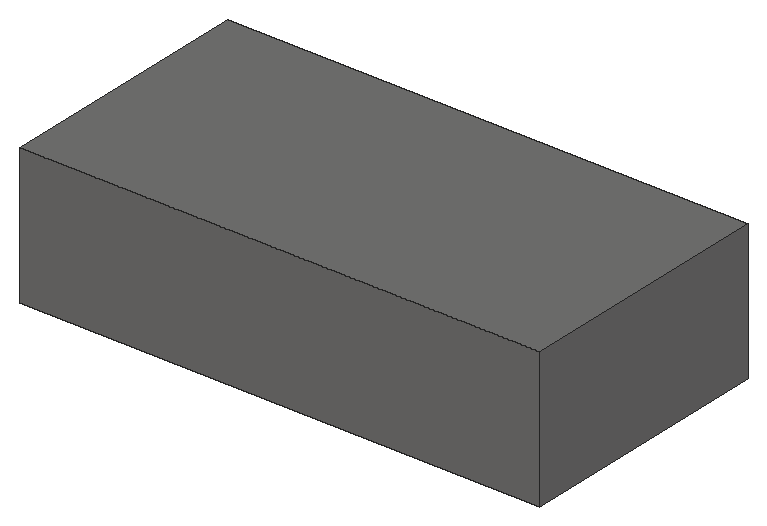
Revit family "Betonsteinpflaster", category Allgemeines Modell, Revit 2016
Family settings
  Teiletyp = Normal
  Kann Basisbauteil für Bewehrung sein = Nein
  Bemaßung runder Anschluss = Durchmesser verwenden
  Arbeitsebenenbasiert = Nein
  Immer vertikal = Ja
  Beim Laden mit Abzugskörper schneiden = Nein
  Gemeinsam genutzt = Nein
  Raumberechnungspunkt = Nein
Parameters (values of type "Großpflaster 300/150  3-5 Anthrazit gesprenkelt")
  www = "www.kronimus.de"
  verfügbare Steindicke in mm = "80"
  Systemstein = ""
  Steinlänge = 300 mm
  Steinbreite = 150 mm
  Stations-Kategorie = "3-5"
  Rastermaß L/ B in mm = "300/150"
  R-Wert  nach DIN 51130 = "R11"
  Produzent = "Kronimus AG, Iffezheim"
  Produktname = "Großpflaster"
  Produktionsnorm = "DIN EN 1338"
  Produktfamilie = "Betonsteinpflaster"
  Oberflächenbearbeitung = "geschliffen"
  Norm = "DIN EN 12878"
  Materialität = Nr. 275 DB Anthrazit gesprenkelt
  Material = "Natursteinvorsatz + Hinterbeton (zweischichtig)"
  LRV-Wert = "10,63"
  Hersteller = "Kronimus AG, Iffezheim"
  Gewicht/m² in kg 80,0mm = "180"
  GTIN - Nummer = "4060851016892"
  Frost- und Tausalzwiderstand (CDF) in g/m² im Mittel = "278"
  Fasenausbildung = "Minifase"
  Farbausführung = "Nr. 275 DB Anthrazit gesprenkelt"
  Email = "info@kronimus.de"
  Artikelnummer = "2-351508-275-07"
Types (4, lengths in mm): name | Steinbreite | Stations-Kategorie | Rastermaß L/ B in mm | R-Wert  nach DIN 51130 | Oberflächenbearbeitung | Materialität | LRV-Wert | GTIN - Nummer | Frost- und Tausalzwiderstand (CDF) in g/m² im Mittel | Farbausführung | Artikelnummer
  Großpflaster 300/150  3-5 Anthrazit gesprenkelt | 150 | "3-5" | "300/150" | "R11" | "geschliffen" | Nr. 275 DB Anthrazit gesprenkelt | "10,63" | "4060851016892" | "278" | "Nr. 275 DB Anthrazit gesprenkelt" | "2-351508-275-07"
  Großpflaster 300/300  3-5 Anthrazit gesprenkelt | 300 | "3-5" | "300/300" | "R12" | "geschliffen" | Nr. 275 DB Anthrazit gesprenkelt | "10,63" | "4060851016885" | "278" | "Nr. 275 DB Anthrazit gesprenkelt" | "2-353008-275-07"
  Großpflaster 300/150  6-7 Anthrazit dunkel | 150 | "6-7" | "300/150" | "R12" | "eingefärbt" | Nr. 269 DB Anthrazit dunkel | "6,64" | "4060851016878" | "226" | "Nr. 269 DB Anthrazit dunkel" | "2-351508-269-00"
  Großpflaster 300/300  6-7 Anthrazit dunkel | 300 | "6-7" | "300/300" | "R12" | "eingefärbt" | Nr. 269 DB Anthrazit dunkel | "6,64" | "4060851016861" | "226" | "Nr. 269 DB Anthrazit dunkel" | "2-353008-269-00"
Reference planes
  plane 1 "Mitte (Vorne/Hinten)": y = 0
  plane 2: z = 0
  plane 3 "Mitte (Links/Rechts)": x = 0
  plane 4: x = 300
  plane 5: y = 150
Forms (mm)
  Extrusion 1, solid, material "Nr. 275 DB Anthrazit gesprenkelt" <- "Materialität"
    sketch origin (0, 0, 0) x (1, 0, 0) y (0, 1, 0)
      loop
        line (0, 0) -> (300, 0) -> (300, 150) -> (0, 150) -> (0, 0)
    from 0 to 80
Dimensions and locks
  "Steinlänge": plane 3 "Mitte (Links/Rechts)" to plane 4
  "Steinbreite": plane 1 "Mitte (Vorne/Hinten)" to plane 5
  aligned and locked: level to plane 2
  aligned and locked: plane 1 "Mitte (Vorne/Hinten)" to Extrusion 1 sketch curve
  aligned and locked: Extrusion 1 sketch curve to plane 3 "Mitte (Links/Rechts)"
  aligned and locked: Extrusion 1 sketch curve to plane 5
  aligned and locked: plane 4 to Extrusion 1 sketch curve
